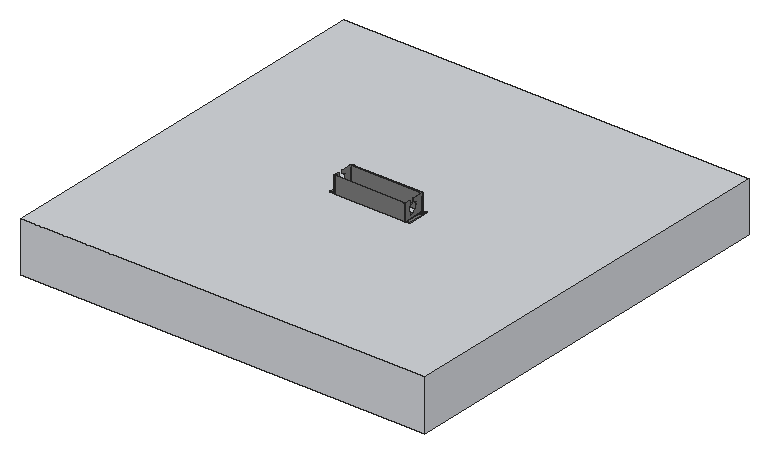
Revit family
Parameters (values of type "RIC3-48-01")
  Weight = 9.5 lbf
  U/M = "EA"
  U Space = "3"
  System = "MM & SM Fiber"
  Serial Number = "RIC3-48-01"
  Segment = "FIBER"
  Ports = "8"
  Model = "RIC"
  Metal = none
  Manufacturer = "SIEMON"
  Loaded/Empty = "Empty"
  Item Group = "FIBER MGMT"
  Item Class = "V1"
  Description = "ENCLOSURE,RIC3-48-01,BLACK"
  Default Elevation = 4' - 0"
  Color = "Black"
Reference planes (in)
  plane 1 "Center (Front/Back)": y = 0
  plane 2: z = 0
  plane 3 "Center (Left/Right)": x = 0
Forms (in)
  Extrusion 1, solid
    sketch origin (0, 0, 0) x (1, 0, 0) y (0, 1, 0)
      loop
        line (-48, 48) -> (-48, -48) -> (48, -48) -> (48, 48) -> (-48, 48)
    from 0 to -12
Dimensions and locks (in)
  aligned and locked: plane 2 to Extrusion 1
  aligned and locked: level to Extrusion 1
Nested families (in)
  nested 1: "RIC3-48-01[1]" at (0, -1.20828, -6.12512), type "RIC3-48-01[1]"
Definition of nested family "RIC3-48-01[1]"
  Parameters (values of type "RIC3-48-01[1]")
    White Paper = White Paper
    Weight = "4.3 kgs (9.5 lbs)"
    UL Rating = "UL 1863"
    U Space / Capacity = "3U / 8 Adapter Plates"
    Text1 = Symbol
    Text = Text
    SilverAlluminium = Silver Alluminium
    Rubber = Rubber
    Part Number = "RIC3-48-01"
    Material = Aluminum w/cold rolled steel (CRS) cover and plastic accessories
    Manufacturer Contact Info / Website = "www.siemon.com"
    Manufacturer = "Siemon"
    Dimensions (H x W x D) = "133mm x 432mm x 380mm\r\n(5.25 in. x 17.0 in. x 14.95 in.)"
    Description = "48-192 port Fiber Enclosure"
    Clearance = "133mm (5.25 in.) Front\r\n254mm (10.0 in.) Rear"
    Black Plastic = Black Plastic
    Assembly Code = ""
  Reference planes (in)
    plane 1 "Center (Front/Back)": y = 1.20828
    plane 2: z = 6.12512
    plane 3 "Center (Left/Right)": x = 0
    plane 4: z = 0.77351
  Forms (in)
    Extrusion 1, solid, material "Aluminum w/cold rolled steel (CRS) cover and plastic accessories" <- "Material"
      sketch origin (-8.50051, -3.22537, 3.22537) x (0, 0, -1) y (0, -1, 0)
        loop
          arc (-0.062, -5.16781) -> (0.02639, -5.1312) -> (0.063, -5.0428) r 0.12501
          line (0.063, -5.0428) -> (0.063, -0.29252)
          arc (0.063, -0.29252) -> (0.02639, -0.20412) -> (-0.062, -0.16751) r 0.12501
          line (-0.062, -0.16751) -> (-2.81817, -0.16751) -> (-2.81817, -5.16781) -> (-0.062, -5.16781)
      from 0 to 0.08
    Extrusion 2, solid, material "Aluminum w/cold rolled steel (CRS) cover and plastic accessories" <- "Material"
      sketch origin (0, -3.22537, 6.16247) x (0, -1, 0) y (1, 0, 0)
        loop
          line (-5.0428, -9.50057) -> (-0.29252, -9.50057)
          arc (-0.29252, -9.50057) -> (-0.20412, -9.46396) -> (-0.16751, -9.37556) r 0.12501
          line (-0.16751, -9.37556) -> (-0.16751, -8.61952) -> (-5.16781, -8.61952) -> (-5.16781, -9.37556)
          arc (-5.16781, -9.37556) -> (-5.1312, -9.46396) -> (-5.0428, -9.50057) r 0.12501
        loop
          line (-4.55827, -9.09605) -> (-4.55827, -9.22106)
          arc (-4.55827, -9.22106) -> (-4.41777, -9.36156) -> (-4.27726, -9.22106) r 0.14051
          line (-4.27726, -9.22106) -> (-4.27726, -9.09605)
          arc (-4.27726, -9.09605) -> (-4.41777, -8.95554) -> (-4.55827, -9.09605) r 0.14051
        loop
          circle (-4.10525, -9.15855) r 0.12001
      from -0.00008 to 0.07992
    Extrusion 3, solid, material "Aluminum w/cold rolled steel (CRS) cover and plastic accessories" <- "Material"
      sketch origin (0, -3.13287, 3.22537) x (0, 0, -1) y (-1, 0, 0)
        loop
          line (-2.81817, 8.50051) -> (-2.81817, 8.58052)
          arc (-2.81817, 8.58052) -> (-2.84575, 8.59194) -> (-2.85717, 8.61952) r 0.039
          line (-2.85717, 8.61952) -> (-2.93718, 8.61952)
          arc (-2.93718, 8.61952) -> (-2.90232, 8.53537) -> (-2.81817, 8.50051) r 0.11901
      from 0.075 to 5.07531
    Extrusion 4, solid, material "Aluminum w/cold rolled steel (CRS) cover and plastic accessories" <- "Material"
      sketch origin (-8.42059, -3.22537, 3.22537) x (0, 0, -1) y (0, -1, 0)
        loop
          line (-6.87541, -2.71516) -> (-6.87541, -5.0403) -> (6.87541, -5.0403) -> (6.87541, -3.3402)
          arc (6.87541, -3.3402) -> (6.80219, -3.16341) -> (6.6254, -3.09019) r 0.25002
          line (6.6254, -3.09019) -> (6.22225, -3.09019)
          arc (6.22225, -3.09019) -> (5.17213, -3.96426) -> (4.05297, -3.18055) r 1.12507
          arc (4.05297, -3.18055) -> (3.96441, -3.18771) -> (3.88794, -3.23293) r 0.19762
          arc (3.88794, -3.23293) -> (3.80088, -3.25421) -> (3.73861, -3.18974) r 0.09001
          arc (3.73861, -3.18974) -> (3.71013, -2.63419) -> (3.89579, -2.1098) r 1.43009
          arc (3.89579, -2.1098) -> (3.97385, -2.06577) -> (4.05124, -2.11098) r 0.09001
          arc (4.05124, -2.11098) -> (4.11165, -2.17613) -> (4.19449, -2.20823) r 0.19762
          arc (4.19449, -2.20823) -> (5.05038, -1.7176) -> (5.96388, -2.09013) r 1.12507
          line (5.96388, -2.09013) -> (6.6254, -2.09013)
          arc (6.6254, -2.09013) -> (6.80219, -2.0169) -> (6.87541, -1.84011) r 0.25002
          line (6.87541, -1.84011) -> (6.87541, -0.20901) -> (-6.87541, -0.20901) -> (-6.87541, -1.21507)
          arc (-6.87541, -1.21507) -> (-6.80219, -1.39186) -> (-6.6254, -1.46509) r 0.25002
          line (-6.6254, -1.46509) -> (-5.96388, -1.46509)
          arc (-5.96388, -1.46509) -> (-5.11482, -1.09011) -> (-4.2729, -1.48085) r 1.12507
          arc (-4.2729, -1.48085) -> (-4.16359, -1.54901) -> (-4.05143, -1.48566) r 0.12614
          arc (-4.05143, -1.48566) -> (-3.97406, -1.44043) -> (-3.89599, -1.48444) r 0.09001
          arc (-3.89599, -1.48444) -> (-3.71016, -2.00897) -> (-3.73861, -2.56471) r 1.43009
          arc (-3.73861, -2.56471) -> (-3.80088, -2.62917) -> (-3.88794, -2.6079) r 0.09001
          arc (-3.88794, -2.6079) -> (-4.01351, -2.57917) -> (-4.09883, -2.67569) r 0.12614
          arc (-4.09883, -2.67569) -> (-5.23632, -3.33471) -> (-6.22225, -2.46515) r 1.12507
          line (-6.22225, -2.46515) -> (-6.6254, -2.46515)
          arc (-6.6254, -2.46515) -> (-6.80219, -2.53838) -> (-6.87541, -2.71516) r 0.25002
      from 0 to 0.07992
    Extrusion 5, solid, material "Silver Alluminium" <- "SilverAlluminium"
      sketch origin (0, -3.22537, 3.22537) x (0, -1, 0) y (1, 0, 0)
        loop
          arc (-5.17081, -8.41801) -> (-5.15617, -8.45336) -> (-5.12081, -8.46801) r 0.05
          line (-5.12081, -8.46801) -> (-0.71054, -8.46801)
          arc (-0.71054, -8.46801) -> (-0.67519, -8.45336) -> (-0.66054, -8.41801) r 0.05
          line (-0.66054, -8.41801) -> (-0.66054, 8.42301)
          arc (-0.66054, 8.42301) -> (-0.67519, 8.45836) -> (-0.71054, 8.47301) r 0.05
          line (-0.71054, 8.47301) -> (-5.12081, 8.47301)
          arc (-5.12081, 8.47301) -> (-5.15617, 8.45836) -> (-5.17081, 8.42301) r 0.05
          line (-5.17081, 8.42301) -> (-5.17081, -8.41801)
        loop
          line (-3.45071, 0.38552) -> (-4.45077, 0.38552) -> (-4.45077, -0.39052) -> (-3.45071, -0.39052) -> (-3.45071, 0.38552)
      from -7.00392 to -6.88591
    Extrusion 6, solid, material "Aluminum w/cold rolled steel (CRS) cover and plastic accessories" <- "Material"
      sketch origin (0, -3.22537, 3.22537) x (0, -1, 0) y (1, 0, 0)
        loop
          arc (-0.17001, -8.3815) -> (-0.18143, -8.40908) -> (-0.20901, -8.42051) r 0.039
          line (-0.20901, -8.42051) -> (-0.20901, -8.50051)
          arc (-0.20901, -8.50051) -> (-0.12486, -8.46566) -> (-0.09001, -8.3815) r 0.11901
          line (-0.09001, -8.3815) -> (-0.17001, -8.3815)
        loop
          arc (-0.20901, 8.42051) -> (-0.18143, 8.40908) -> (-0.17001, 8.3815) r 0.039
          line (-0.17001, 8.3815) -> (-0.09001, 8.3815)
          arc (-0.09001, 8.3815) -> (-0.12486, 8.46566) -> (-0.20901, 8.50051) r 0.11901
          line (-0.20901, 8.50051) -> (-0.20901, 8.42051)
      from -6.87541 to 6.78819
    Extrusion 7, solid, material "Aluminum w/cold rolled steel (CRS) cover and plastic accessories" <- "Material"
      sketch origin (0, -3.22537, 3.22537) x (0, 0, -1) y (-1, 0, 0)
        loop
          line (6.87541, -8.3815) -> (6.87541, 8.3815) -> (-6.87541, 8.3815) -> (-6.87541, -8.3815) -> (6.87541, -8.3815)
        loop
          circle (5.59934, -7.00042) r 0.75005
        loop
          circle (5.59934, 7.00042) r 0.75005
      from 0.09001 to 0.17001
    Extrusion 8, solid, material "Aluminum w/cold rolled steel (CRS) cover and plastic accessories" <- "Material"
      sketch origin (0, -3.13287, 3.22537) x (0, 0, -1) y (-1, 0, 0)
        loop
          arc (-2.81817, -8.50051) -> (-2.90232, -8.53537) -> (-2.93718, -8.61952) r 0.11901
          line (-2.93718, -8.61952) -> (-2.85717, -8.61952)
          arc (-2.85717, -8.61952) -> (-2.84575, -8.59194) -> (-2.81817, -8.58052) r 0.039
          line (-2.81817, -8.58052) -> (-2.81817, -8.50051)
      from 0 to 4.46931
    Extrusion 9, solid, material "Aluminum w/cold rolled steel (CRS) cover and plastic accessories" <- "Material"
      sketch origin (0, -3.22537, 3.22537) x (0, 0, 1) y (0, 1, 0)
        loop
          arc (6.45999, 1.39772) -> (6.30944, 1.46573) -> (6.21771, 1.60312) r 0.30002
          arc (6.21771, 1.60312) -> (6.18628, 1.61931) -> (6.17009, 1.58788) r 0.025
          arc (6.17009, 1.58788) -> (6.2771, 1.42759) -> (6.45274, 1.34825) r 0.35002
          arc (6.45274, 1.34825) -> (6.4811, 1.36936) -> (6.45999, 1.39772) r 0.025
        loop
          arc (4.06236, 1.61919) -> (4.04711, 1.65109) -> (4.01521, 1.63584) r 0.025
          arc (4.01521, 1.63584) -> (3.91944, 1.50124) -> (3.76694, 1.43773) r 0.30002
          arc (3.76694, 1.43773) -> (3.74499, 1.41001) -> (3.77271, 1.38806) r 0.025
          arc (3.77271, 1.38806) -> (3.95063, 1.46215) -> (4.06236, 1.61919) r 0.35002
      from 8.60052 to 8.70052
    Sweep 10, solid, material "Silver Alluminium" <- "SilverAlluminium"
      path origin (0, -3.22537, 3.22537) x (1, 0, 0) y (0, 1, 0)
        loop
          line (-8.41801, 0.63054) -> (8.42301, 0.63054)
          arc (8.42301, 0.63054) -> (8.47958, 0.65397) -> (8.50301, 0.71054) r 0.08
          line (8.50301, 0.71054) -> (8.50301, 5.12081)
          arc (8.50301, 5.12081) -> (8.47958, 5.17738) -> (8.42301, 5.20081) r 0.08
          line (8.42301, 5.20081) -> (-8.41801, 5.20081)
          arc (-8.41801, 5.20081) -> (-8.47458, 5.17738) -> (-8.49801, 5.12081) r 0.08
          line (-8.49801, 5.12081) -> (-8.49801, 0.71054)
          arc (-8.49801, 0.71054) -> (-8.47458, 0.65397) -> (-8.41801, 0.63054) r 0.08
      profile origin (0.0025, 1.97544, 3.22537) x (0, -1, 0) y (0, 0, 1)
        loop
          arc (0, -6.97392) -> (0.00879, -6.99513) -> (0.03, -7.00392) r 0.03
          line (0.03, -7.00392) -> (0.03, -6.88591)
          arc (0.03, -6.88591) -> (0.00879, -6.8947) -> (0, -6.91592) r 0.03
          line (0, -6.91592) -> (0, -6.97392)
    Extrusion 11, solid, material "Silver Alluminium" <- "SilverAlluminium"
      sketch origin (0, -3.22537, 3.22537) x (1, 0, 0) y (0, 1, 0)
        loop
          arc (-8.41801, 5.17081) -> (-8.45336, 5.15617) -> (-8.46801, 5.12081) r 0.05
          line (-8.46801, 5.12081) -> (-8.46801, 0.71054)
          arc (-8.46801, 0.71054) -> (-8.45336, 0.67519) -> (-8.41801, 0.66054) r 0.05
          line (-8.41801, 0.66054) -> (8.42301, 0.66054)
          arc (8.42301, 0.66054) -> (8.45836, 0.67519) -> (8.47301, 0.71054) r 0.05
          line (8.47301, 0.71054) -> (8.47301, 5.12081)
          arc (8.47301, 5.12081) -> (8.45836, 5.15617) -> (8.42301, 5.17081) r 0.05
          line (8.42301, 5.17081) -> (-8.41801, 5.17081)
        loop
          line (0.38552, 3.45071) -> (0.38552, 4.45077) -> (-0.39052, 4.45077) -> (-0.39052, 3.45071) -> (0.38552, 3.45071)
      from -7.00392 to -6.88591
    Extrusion 12, solid, material "Aluminum w/cold rolled steel (CRS) cover and plastic accessories" <- "Material"
      sketch origin (-0.50995, -3.17537, 3.22537) x (0, 0, 1) y (0, -1, 0)
        loop
          circle (-6.40039, -0.56503) r 0.11811
      from 8.68597 to 9.01046
    Extrusion 13, solid, material "Aluminum w/cold rolled steel (CRS) cover and plastic accessories" <- "Material"
      sketch origin (0, 1.93994, 3.22537) x (0, 0, -1) y (-1, 0, 0)
        loop
          line (6.78819, -8.50051) -> (6.78819, 8.50051) -> (-6.79019, 8.50051) -> (-6.79019, -8.50051) -> (6.78819, -8.50051)
      from 0 to 0.05
    Extrusion 14, solid, material "Aluminum w/cold rolled steel (CRS) cover and plastic accessories" <- "Material"
      sketch origin (0, -1.47527, 3.22537) x (0, 0, -1) y (0, -1, 0)
        loop
          line (6.86886, -3.33859) -> (6.81995, -3.2337) -> (6.77463, -3.25483) -> (6.82354, -3.35972)
          arc (6.82354, -3.35972) -> (6.82109, -3.39716) -> (6.78819, -3.41521) r 0.039
          line (6.78819, -3.41521) -> (6.78819, -3.46521)
          arc (6.78819, -3.46521) -> (6.86326, -3.42403) -> (6.86886, -3.33859) r 0.08901
        loop
          arc (-6.87086, -3.33859) -> (-6.86526, -3.42403) -> (-6.79019, -3.46521) r 0.08901
          line (-6.79019, -3.46521) -> (-6.79019, -3.41521)
          arc (-6.79019, -3.41521) -> (-6.82309, -3.39716) -> (-6.82554, -3.35972) r 0.039
          line (-6.82554, -3.35972) -> (-6.77663, -3.25483) -> (-6.82195, -3.2337) -> (-6.87086, -3.33859)
      from 8.41051 to -8.41051
    Extrusion 15, solid, material "Aluminum w/cold rolled steel (CRS) cover and plastic accessories" <- "Material"
      sketch origin (0, -1.47527, 3.22537) x (0, -1, 0) y (1, 0, 0)
        loop
          line (-3.2902, 8.42051) -> (-3.2902, 8.50051)
          arc (-3.2902, 8.50051) -> (-3.37859, 8.4639) -> (-3.41521, 8.3755) r 0.12501
          line (-3.41521, 8.3755) -> (-3.3352, 8.3755)
          arc (-3.3352, 8.3755) -> (-3.32202, 8.40733) -> (-3.2902, 8.42051) r 0.045
        loop
          arc (-3.2902, -8.42051) -> (-3.32202, -8.40733) -> (-3.3352, -8.3755) r 0.045
          line (-3.3352, -8.3755) -> (-3.41521, -8.3755)
          arc (-3.41521, -8.3755) -> (-3.37859, -8.4639) -> (-3.2902, -8.50051) r 0.12501
          line (-3.2902, -8.50051) -> (-3.2902, -8.42051)
      from -6.75041 to 6.75041
    Extrusion 16, solid, material "Aluminum w/cold rolled steel (CRS) cover and plastic accessories" <- "Material"
      sketch origin (0, -3.23614, 3.22537) x (0, 0, -1) y (-1, 0, 0)
        loop
          line (6.75041, -8.3755) -> (6.75041, 8.3815) -> (-6.75041, 8.3815) -> (-6.75041, -8.3755) -> (6.75041, -8.3755)
      from 5.09607 to 5.17607
    Extrusion 17, solid, material "Aluminum w/cold rolled steel (CRS) cover and plastic accessories" <- "Material"
      sketch origin (8.50051, -3.22537, 3.22537) x (0, 0, -1) y (0, 1, 0)
        loop
          line (-0.062, 5.16781) -> (-2.81817, 5.16781) -> (-2.81817, 0.16751) -> (-0.062, 0.16751)
          arc (-0.062, 0.16751) -> (0.02639, 0.20412) -> (0.063, 0.29252) r 0.12501
          line (0.063, 0.29252) -> (0.063, 5.0428)
          arc (0.063, 5.0428) -> (0.02639, 5.1312) -> (-0.062, 5.16781) r 0.12501
      from 0 to 0.08
    Extrusion 18, solid, material "Aluminum w/cold rolled steel (CRS) cover and plastic accessories" <- "Material"
      sketch origin (0, -3.22537, 6.16247) x (0, 1, 0) y (-1, 0, 0)
        loop
          arc (5.0428, -9.50057) -> (5.1312, -9.46396) -> (5.16781, -9.37556) r 0.12501
          line (5.16781, -9.37556) -> (5.16781, -8.61952) -> (0.16751, -8.61952) -> (0.16751, -9.37556)
          arc (0.16751, -9.37556) -> (0.20412, -9.46396) -> (0.29252, -9.50057) r 0.12501
          line (0.29252, -9.50057) -> (5.0428, -9.50057)
        loop
          arc (4.55827, -9.09605) -> (4.41777, -8.95554) -> (4.27726, -9.09605) r 0.14051
          line (4.27726, -9.09605) -> (4.27726, -9.22106)
          arc (4.27726, -9.22106) -> (4.41777, -9.36156) -> (4.55827, -9.22106) r 0.14051
          line (4.55827, -9.22106) -> (4.55827, -9.09605)
        loop
          circle (4.10525, -9.15855) r 0.12001
      from -0.00008 to 0.07992
    Extrusion 19, solid, material "Aluminum w/cold rolled steel (CRS) cover and plastic accessories" <- "Material"
      sketch origin (0, -3.13287, 3.22537) x (0, 0, -1) y (-1, 0, 0)
        loop
          arc (-2.81817, -8.50051) -> (-2.90232, -8.53537) -> (-2.93718, -8.61952) r 0.11901
          line (-2.93718, -8.61952) -> (-2.85717, -8.61952)
          arc (-2.85717, -8.61952) -> (-2.84575, -8.59194) -> (-2.81817, -8.58052) r 0.039
          line (-2.81817, -8.58052) -> (-2.81817, -8.50051)
      from 0.075 to 5.07531
    Extrusion 20, solid, material "Aluminum w/cold rolled steel (CRS) cover and plastic accessories" <- "Material"
      sketch origin (0, -3.22537, 3.22537) x (0, 0, -1) y (0, 1, 0)
        loop
          arc (3.76694, 2.06277) -> (3.74499, 2.03505) -> (3.77271, 2.0131) r 0.025
          arc (3.77271, 2.0131) -> (3.95063, 2.08719) -> (4.06236, 2.24423) r 0.35002
          arc (4.06236, 2.24423) -> (4.04711, 2.27613) -> (4.01521, 2.26088) r 0.025
          arc (4.01521, 2.26088) -> (3.91944, 2.12627) -> (3.76694, 2.06277) r 0.30002
        loop
          arc (6.21771, 2.22816) -> (6.18628, 2.24435) -> (6.17009, 2.21292) r 0.025
          arc (6.17009, 2.21292) -> (6.2771, 2.05263) -> (6.45274, 1.97328) r 0.35002
          arc (6.45274, 1.97328) -> (6.4811, 1.9944) -> (6.45999, 2.02276) r 0.025
          arc (6.45999, 2.02276) -> (6.30944, 2.09077) -> (6.21771, 2.22816) r 0.30002
      from 8.60052 to 8.70052
    Extrusion 21, void
      sketch origin (0.38909, 0.95951, 2.68145) x (0, -0.5, -0.866025) y (-1, 0, 0)
        loop
          arc (4.56301, -8.00559) -> (4.57549, -8.01808) -> (4.58798, -8.00559) r 0.01249
          line (4.58798, -8.00559) -> (4.58798, -7.95529)
          arc (4.58798, -7.95529) -> (4.57549, -7.9428) -> (4.56301, -7.95529) r 0.01249
          line (4.56301, -7.95529) -> (4.56301, -8.00559)
      from 0 to 0.27629
    Extrusion 22, solid, material "Aluminum w/cold rolled steel (CRS) cover and plastic accessories" <- "Material"
      sketch origin (0, -3.22537, 3.22537) x (0, 0, 1) y (0, -1, 0)
        loop
          arc (6.45999, -1.39772) -> (6.4811, -1.36936) -> (6.45274, -1.34825) r 0.025
          arc (6.45274, -1.34825) -> (6.2771, -1.42759) -> (6.17009, -1.58788) r 0.35002
          arc (6.17009, -1.58788) -> (6.18628, -1.61931) -> (6.21771, -1.60312) r 0.025
          arc (6.21771, -1.60312) -> (6.30944, -1.46573) -> (6.45999, -1.39772) r 0.30002
        loop
          arc (4.06236, -1.61919) -> (3.95063, -1.46215) -> (3.77271, -1.38806) r 0.35002
          arc (3.77271, -1.38806) -> (3.74499, -1.41001) -> (3.76694, -1.43773) r 0.025
          arc (3.76694, -1.43773) -> (3.91944, -1.50124) -> (4.01521, -1.63584) r 0.30002
          arc (4.01521, -1.63584) -> (4.04711, -1.65109) -> (4.06236, -1.61919) r 0.025
      from 8.60052 to 8.70052
    Extrusion 23, solid, material "Aluminum w/cold rolled steel (CRS) cover and plastic accessories" <- "Material"
      sketch origin (8.42059, -3.22537, 3.22537) x (0, 0, -1) y (0, 1, 0)
        loop
          arc (-6.87541, 2.71516) -> (-6.80219, 2.53838) -> (-6.6254, 2.46515) r 0.25002
          line (-6.6254, 2.46515) -> (-6.22225, 2.46515)
          arc (-6.22225, 2.46515) -> (-5.23632, 3.33471) -> (-4.09883, 2.67569) r 1.12507
          arc (-4.09883, 2.67569) -> (-4.01351, 2.57917) -> (-3.88794, 2.6079) r 0.12614
          arc (-3.88794, 2.6079) -> (-3.80088, 2.62917) -> (-3.73861, 2.56471) r 0.09001
          arc (-3.73861, 2.56471) -> (-3.71016, 2.00897) -> (-3.89599, 1.48444) r 1.43009
          arc (-3.89599, 1.48444) -> (-3.97406, 1.44043) -> (-4.05143, 1.48566) r 0.09001
          arc (-4.05143, 1.48566) -> (-4.16359, 1.54901) -> (-4.2729, 1.48085) r 0.12614
          arc (-4.2729, 1.48085) -> (-5.11482, 1.09011) -> (-5.96388, 1.46509) r 1.12507
          line (-5.96388, 1.46509) -> (-6.6254, 1.46509)
          arc (-6.6254, 1.46509) -> (-6.80219, 1.39186) -> (-6.87541, 1.21507) r 0.25002
          line (-6.87541, 1.21507) -> (-6.87541, 0.20901) -> (6.87541, 0.20901) -> (6.87541, 1.84011)
          arc (6.87541, 1.84011) -> (6.80219, 2.0169) -> (6.6254, 2.09013) r 0.25002
          line (6.6254, 2.09013) -> (5.96388, 2.09013)
          arc (5.96388, 2.09013) -> (5.05038, 1.7176) -> (4.19449, 2.20823) r 1.12507
          arc (4.19449, 2.20823) -> (4.11165, 2.17613) -> (4.05124, 2.11098) r 0.19762
          arc (4.05124, 2.11098) -> (3.97385, 2.06577) -> (3.89579, 2.1098) r 0.09001
          arc (3.89579, 2.1098) -> (3.71013, 2.63419) -> (3.73861, 3.18974) r 1.43009
          arc (3.73861, 3.18974) -> (3.80088, 3.25421) -> (3.88794, 3.23293) r 0.09001
          arc (3.88794, 3.23293) -> (3.96441, 3.18771) -> (4.05297, 3.18055) r 0.19762
          arc (4.05297, 3.18055) -> (5.17213, 3.96426) -> (6.22225, 3.09019) r 1.12507
          line (6.22225, 3.09019) -> (6.6254, 3.09019)
          arc (6.6254, 3.09019) -> (6.80219, 3.16341) -> (6.87541, 3.3402) r 0.25002
          line (6.87541, 3.3402) -> (6.87541, 5.0403) -> (-6.87541, 5.0403) -> (-6.87541, 2.71516)
      from 0 to 0.07992
  Lines and regions (in)
    reference lines
      curve 1: line (-9.17142, 1.20828, 5.84241) -> (-9.17142, 1.20828, -0.8505)
      curve 2: line (9.17323, 1.20828, 5.84241) -> (9.17323, 1.20828, -0.8505)
      curve 3: line (-11.33677, 1.20828, 6.12512) -> (11.49788, 1.20828, 6.12512)
  Dimensions and locks (in)
    curve 1 to plane 3 "Center (Left/Right)" to curve 2 = 0' - 9.17142", 0' - 9.17323"
